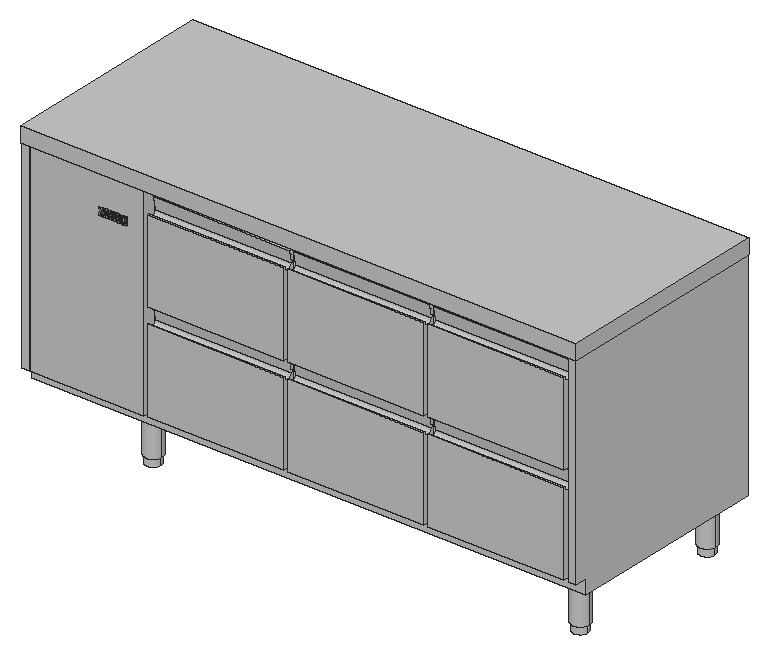
Revit family "QF_ZANUSSI_111047_ZH3HBBBB", category Specialty Equipment, Revit 2018 (continued)
Definition of nested family "ZAN_Cooling Unit"
  Lines and regions (mm)
    Split face 130
      outline origin (110.032, 2, -113.091) x (0, 0, 1) y (-1, 0, 0)
        loop
          line (510.649, 116.535) -> (510.649, 158.547)
    Split face 131
      outline origin (110.032, 2, -125.094) x (0, 0, 1) y (-1, 0, 0)
        loop
          arc (510.649, 158.547) -> (506.648, 162.548) -> (502.647, 158.547) r 4.001
          line (502.647, 158.547) -> (502.647, 116.535)
          arc (502.647, 116.535) -> (506.648, 112.533) -> (510.649, 116.535) r 4.001
          line (510.649, 116.535) -> (510.649, 158.547)
    Split face 132
      outline origin (110.032, 2, -137.098) x (0, 0, 1) y (-1, 0, 0)
        loop
          arc (510.649, 158.547) -> (506.648, 162.548) -> (502.647, 158.547) r 4.001
          line (502.647, 158.547) -> (502.647, 116.535)
          arc (502.647, 116.535) -> (506.648, 112.533) -> (510.649, 116.535) r 4.001
          line (510.649, 116.535) -> (510.649, 158.547)
    Split face 133
      outline origin (110.032, 2, -149.101) x (0, 0, 1) y (-1, 0, 0)
        loop
          arc (510.649, 158.547) -> (506.648, 162.548) -> (502.647, 158.547) r 4.001
          line (502.647, 158.547) -> (502.647, 116.535)
          arc (502.647, 116.535) -> (506.648, 112.533) -> (510.649, 116.535) r 4.001
          line (510.649, 116.535) -> (510.649, 158.547)
    Split face 134
      outline origin (110.032, 2, -161.105) x (0, 0, 1) y (-1, 0, 0)
        loop
          arc (510.649, 158.547) -> (506.648, 162.548) -> (502.647, 158.547) r 4.001
          line (502.647, 158.547) -> (502.647, 116.535)
          arc (502.647, 116.535) -> (506.648, 112.533) -> (510.649, 116.535) r 4.001
          line (510.649, 116.535) -> (510.649, 158.547)
    Split face 135
      outline origin (110.032, 2, -173.108) x (0, 0, 1) y (-1, 0, 0)
        loop
          arc (510.649, 158.547) -> (506.648, 162.548) -> (502.647, 158.547) r 4.001
          line (502.647, 158.547) -> (502.647, 116.535)
          arc (502.647, 116.535) -> (506.648, 112.533) -> (510.649, 116.535) r 4.001
          line (510.649, 116.535) -> (510.649, 158.547)
    Split face 136
      outline origin (110.032, 2, -185.112) x (0, 0, 1) y (-1, 0, 0)
        loop
          arc (510.649, 158.547) -> (506.648, 162.548) -> (502.647, 158.547) r 4.001
          line (502.647, 158.547) -> (502.647, 116.535)
          arc (502.647, 116.535) -> (506.648, 112.533) -> (510.649, 116.535) r 4.001
          line (510.649, 116.535) -> (510.649, 158.547)
    Split face 137
      outline origin (110.032, 2, -197.115) x (0, 0, 1) y (-1, 0, 0)
        loop
          arc (510.649, 158.547) -> (506.648, 162.548) -> (502.647, 158.547) r 4.001
          line (502.647, 158.547) -> (502.647, 116.535)
          arc (502.647, 116.535) -> (506.648, 112.533) -> (510.649, 116.535) r 4.001
          line (510.649, 116.535) -> (510.649, 158.547)
    Split face 138
      outline origin (110.032, 2, -209.119) x (0, 0, 1) y (-1, 0, 0)
        loop
          arc (510.649, 158.547) -> (506.648, 162.548) -> (502.647, 158.547) r 4.001
          line (502.647, 158.547) -> (502.647, 116.535)
          arc (502.647, 116.535) -> (506.648, 112.533) -> (510.649, 116.535) r 4.001
          line (510.649, 116.535) -> (510.649, 158.547)
    Split face 139
      outline origin (110.032, 2, -221.122) x (0, 0, 1) y (-1, 0, 0)
        loop
          arc (510.649, 158.547) -> (506.648, 162.548) -> (502.647, 158.547) r 4.001
          line (502.647, 158.547) -> (502.647, 116.535)
          arc (502.647, 116.535) -> (506.648, 112.533) -> (510.649, 116.535) r 4.001
          line (510.649, 116.535) -> (510.649, 158.547)
    Split face 140
      outline origin (110.032, 2, -233.126) x (0, 0, 1) y (-1, 0, 0)
        loop
          arc (510.649, 158.547) -> (506.648, 162.548) -> (502.647, 158.547) r 4.001
          line (502.647, 158.547) -> (502.647, 116.535)
          arc (502.647, 116.535) -> (506.648, 112.533) -> (510.649, 116.535) r 4.001
          line (510.649, 116.535) -> (510.649, 158.547)
    Split face 141
      outline origin (110.032, 2, -245.129) x (0, 0, 1) y (-1, 0, 0)
        loop
          arc (510.649, 158.547) -> (506.648, 162.548) -> (502.647, 158.547) r 4.001
          line (502.647, 158.547) -> (502.647, 116.535)
          arc (502.647, 116.535) -> (506.648, 112.533) -> (510.649, 116.535) r 4.001
          line (510.649, 116.535) -> (510.649, 158.547)
    Split face 142
      outline origin (110.032, 2, -257.133) x (0, 0, 1) y (-1, 0, 0)
        loop
          arc (510.649, 158.547) -> (506.648, 162.548) -> (502.647, 158.547) r 4.001
          line (502.647, 158.547) -> (502.647, 116.535)
          arc (502.647, 116.535) -> (506.648, 112.533) -> (510.649, 116.535) r 4.001
          line (510.649, 116.535) -> (510.649, 158.547)
    Split face 143
      outline origin (110.032, 2, -269.136) x (0, 0, 1) y (-1, 0, 0)
        loop
          arc (510.649, 158.547) -> (506.648, 162.548) -> (502.647, 158.547) r 4.001
          line (502.647, 158.547) -> (502.647, 116.535)
          arc (502.647, 116.535) -> (506.648, 112.533) -> (510.649, 116.535) r 4.001
          line (510.649, 116.535) -> (510.649, 158.547)
    Split face 144
      outline origin (110.032, 2, -281.14) x (0, 0, 1) y (-1, 0, 0)
        loop
          arc (510.649, 158.547) -> (506.648, 162.548) -> (502.647, 158.547) r 4.001
          line (502.647, 158.547) -> (502.647, 116.535)
          arc (502.647, 116.535) -> (506.648, 112.533) -> (510.649, 116.535) r 4.001
          line (510.649, 116.535) -> (510.649, 158.547)
    Split face 145
      outline origin (110.032, 2, -293.144) x (0, 0, 1) y (-1, 0, 0)
        loop
          arc (510.649, 158.547) -> (506.648, 162.548) -> (502.647, 158.547) r 4.001
          line (502.647, 158.547) -> (502.647, 116.535)
          arc (502.647, 116.535) -> (506.648, 112.533) -> (510.649, 116.535) r 4.001
          line (510.649, 116.535) -> (510.649, 158.547)
    Split face 146
      outline origin (165.048, 2, -113.091) x (0, 0, 1) y (-1, 0, 0)
        loop
          arc (510.649, 158.547) -> (506.648, 162.548) -> (502.647, 158.547) r 4.001
          line (502.647, 158.547) -> (502.647, 116.535)
          arc (502.647, 116.535) -> (506.648, 112.533) -> (510.649, 116.535) r 4.001
          line (510.649, 116.535) -> (510.649, 158.547)
    Split face 147
      outline origin (165.048, 2, -125.094) x (0, 0, 1) y (-1, 0, 0)
        loop
          arc (510.649, 158.547) -> (506.648, 162.548) -> (502.647, 158.547) r 4.001
          line (502.647, 158.547) -> (502.647, 116.535)
          arc (502.647, 116.535) -> (506.648, 112.533) -> (510.649, 116.535) r 4.001
          line (510.649, 116.535) -> (510.649, 158.547)
    Split face 148
      outline origin (165.048, 2, -137.098) x (0, 0, 1) y (-1, 0, 0)
        loop
          arc (510.649, 158.547) -> (506.648, 162.548) -> (502.647, 158.547) r 4.001
          line (502.647, 158.547) -> (502.647, 116.535)
          arc (502.647, 116.535) -> (506.648, 112.533) -> (510.649, 116.535) r 4.001
          line (510.649, 116.535) -> (510.649, 158.547)
    Split face 149
      outline origin (165.048, 2, -149.101) x (0, 0, 1) y (-1, 0, 0)
        loop
          arc (510.649, 158.547) -> (506.648, 162.548) -> (502.647, 158.547) r 4.001
          line (502.647, 158.547) -> (502.647, 116.535)
          arc (502.647, 116.535) -> (506.648, 112.533) -> (510.649, 116.535) r 4.001
          line (510.649, 116.535) -> (510.649, 158.547)
    Split face 150
      outline origin (165.048, 2, -161.105) x (0, 0, 1) y (-1, 0, 0)
        loop
          arc (510.649, 158.547) -> (506.648, 162.548) -> (502.647, 158.547) r 4.001
          line (502.647, 158.547) -> (502.647, 116.535)
          arc (502.647, 116.535) -> (506.648, 112.533) -> (510.649, 116.535) r 4.001
          line (510.649, 116.535) -> (510.649, 158.547)
    Split face 151
      outline origin (165.048, 2, -173.108) x (0, 0, 1) y (-1, 0, 0)
        loop
          arc (510.649, 158.547) -> (506.648, 162.548) -> (502.647, 158.547) r 4.001
          line (502.647, 158.547) -> (502.647, 116.535)
          arc (502.647, 116.535) -> (506.648, 112.533) -> (510.649, 116.535) r 4.001
          line (510.649, 116.535) -> (510.649, 158.547)
    Split face 152
      outline origin (165.048, 2, -185.112) x (0, 0, 1) y (-1, 0, 0)
        loop
          arc (510.649, 158.547) -> (506.648, 162.548) -> (502.647, 158.547) r 4.001
          line (502.647, 158.547) -> (502.647, 116.535)
          arc (502.647, 116.535) -> (506.648, 112.533) -> (510.649, 116.535) r 4.001
          line (510.649, 116.535) -> (510.649, 158.547)
    Split face 153
      outline origin (165.048, 2, -197.115) x (0, 0, 1) y (-1, 0, 0)
        loop
          arc (510.649, 158.547) -> (506.648, 162.548) -> (502.647, 158.547) r 4.001
          line (502.647, 158.547) -> (502.647, 116.535)
          arc (502.647, 116.535) -> (506.648, 112.533) -> (510.649, 116.535) r 4.001
          line (510.649, 116.535) -> (510.649, 158.547)
    Split face 154
      outline origin (165.048, 2, -209.119) x (0, 0, 1) y (-1, 0, 0)
        loop
          arc (510.649, 158.547) -> (506.648, 162.548) -> (502.647, 158.547) r 4.001
          line (502.647, 158.547) -> (502.647, 116.535)
          arc (502.647, 116.535) -> (506.648, 112.533) -> (510.649, 116.535) r 4.001
          line (510.649, 116.535) -> (510.649, 158.547)
    Split face 155
      outline origin (165.048, 2, -221.122) x (0, 0, 1) y (-1, 0, 0)
        loop
          arc (510.649, 158.547) -> (506.648, 162.548) -> (502.647, 158.547) r 4.001
          line (502.647, 158.547) -> (502.647, 116.535)
          arc (502.647, 116.535) -> (506.648, 112.533) -> (510.649, 116.535) r 4.001
          line (510.649, 116.535) -> (510.649, 158.547)
    Split face 156
      outline origin (165.048, 2, -233.126) x (0, 0, 1) y (-1, 0, 0)
        loop
          arc (510.649, 158.547) -> (506.648, 162.548) -> (502.647, 158.547) r 4.001
          line (502.647, 158.547) -> (502.647, 116.535)
          arc (502.647, 116.535) -> (506.648, 112.533) -> (510.649, 116.535) r 4.001
          line (510.649, 116.535) -> (510.649, 158.547)
    Split face 157
      outline origin (165.048, 2, -245.129) x (0, 0, 1) y (-1, 0, 0)
        loop
          arc (510.649, 158.547) -> (506.648, 162.548) -> (502.647, 158.547) r 4.001
          line (502.647, 158.547) -> (502.647, 116.535)
          arc (502.647, 116.535) -> (506.648, 112.533) -> (510.649, 116.535) r 4.001
          line (510.649, 116.535) -> (510.649, 158.547)
    Split face 158
      outline origin (165.048, 2, -257.133) x (0, 0, 1) y (-1, 0, 0)
        loop
          arc (510.649, 158.547) -> (506.648, 162.548) -> (502.647, 158.547) r 4.001
          line (502.647, 158.547) -> (502.647, 116.535)
          arc (502.647, 116.535) -> (506.648, 112.533) -> (510.649, 116.535) r 4.001
          line (510.649, 116.535) -> (510.649, 158.547)
    Split face 159
      outline origin (165.048, 2, -269.136) x (0, 0, 1) y (-1, 0, 0)
        loop
          arc (510.649, 158.547) -> (506.648, 162.548) -> (502.647, 158.547) r 4.001
          line (502.647, 158.547) -> (502.647, 116.535)
          arc (502.647, 116.535) -> (506.648, 112.533) -> (510.649, 116.535) r 4.001
          line (510.649, 116.535) -> (510.649, 158.547)
    Split face 160
      outline origin (165.048, 2, -281.14) x (0, 0, 1) y (-1, 0, 0)
        loop
          arc (510.649, 158.547) -> (506.648, 162.548) -> (502.647, 158.547) r 4.001
          line (502.647, 158.547) -> (502.647, 116.535)
          arc (502.647, 116.535) -> (506.648, 112.533) -> (510.649, 116.535) r 4.001
          line (510.649, 116.535) -> (510.649, 158.547)
    Split face 161
      outline origin (165.048, 2, -293.144) x (0, 0, 1) y (-1, 0, 0)
        loop
          arc (510.649, 158.547) -> (506.648, 162.548) -> (502.647, 158.547) r 4.001
          line (502.647, 158.547) -> (502.647, 116.535)
          arc (502.647, 116.535) -> (506.648, 112.533) -> (510.649, 116.535) r 4.001
          line (510.649, 116.535) -> (510.649, 158.547)
    Split face 162
      outline origin (220.064, 2, -113.091) x (0, 0, 1) y (-1, 0, 0)
        loop
          arc (510.649, 158.547) -> (506.648, 162.548) -> (502.647, 158.547) r 4.001
          line (502.647, 158.547) -> (502.647, 116.535)
          arc (502.647, 116.535) -> (506.648, 112.533) -> (510.649, 116.535) r 4.001
          line (510.649, 116.535) -> (510.649, 158.547)
    Split face 163
      outline origin (220.064, 2, -125.094) x (0, 0, 1) y (-1, 0, 0)
        loop
          arc (510.649, 158.547) -> (506.648, 162.548) -> (502.647, 158.547) r 4.001
          line (502.647, 158.547) -> (502.647, 116.535)
          arc (502.647, 116.535) -> (506.648, 112.533) -> (510.649, 116.535) r 4.001
          line (510.649, 116.535) -> (510.649, 158.547)
    Split face 164
      outline origin (220.064, 2, -137.098) x (0, 0, 1) y (-1, 0, 0)
        loop
          arc (510.649, 158.547) -> (506.648, 162.548) -> (502.647, 158.547) r 4.001
          line (502.647, 158.547) -> (502.647, 116.535)
          arc (502.647, 116.535) -> (506.648, 112.533) -> (510.649, 116.535) r 4.001
          line (510.649, 116.535) -> (510.649, 158.547)
    Split face 165
      outline origin (220.064, 2, -149.101) x (0, 0, 1) y (-1, 0, 0)
        loop
          arc (510.649, 158.547) -> (506.648, 162.548) -> (502.647, 158.547) r 4.001
          line (502.647, 158.547) -> (502.647, 116.535)
          arc (502.647, 116.535) -> (506.648, 112.533) -> (510.649, 116.535) r 4.001
          line (510.649, 116.535) -> (510.649, 158.547)
    Split face 166
      outline origin (220.064, 2, -161.105) x (0, 0, 1) y (-1, 0, 0)
        loop
          arc (510.649, 158.547) -> (506.648, 162.548) -> (502.647, 158.547) r 4.001
          line (502.647, 158.547) -> (502.647, 116.535)
          arc (502.647, 116.535) -> (506.648, 112.533) -> (510.649, 116.535) r 4.001
          line (510.649, 116.535) -> (510.649, 158.547)
    Split face 167
      outline origin (220.064, 2, -173.108) x (0, 0, 1) y (-1, 0, 0)
        loop
          arc (510.649, 158.547) -> (506.648, 162.548) -> (502.647, 158.547) r 4.001
          line (502.647, 158.547) -> (502.647, 116.535)
          arc (502.647, 116.535) -> (506.648, 112.533) -> (510.649, 116.535) r 4.001
          line (510.649, 116.535) -> (510.649, 158.547)
    Split face 168
      outline origin (220.064, 2, -185.112) x (0, 0, 1) y (-1, 0, 0)
        loop
          arc (510.649, 158.547) -> (506.648, 162.548) -> (502.647, 158.547) r 4.001
          line (502.647, 158.547) -> (502.647, 116.535)
          arc (502.647, 116.535) -> (506.648, 112.533) -> (510.649, 116.535) r 4.001
          line (510.649, 116.535) -> (510.649, 158.547)
    Split face 169
      outline origin (220.064, 2, -197.115) x (0, 0, 1) y (-1, 0, 0)
        loop
          arc (510.649, 158.547) -> (506.648, 162.548) -> (502.647, 158.547) r 4.001
          line (502.647, 158.547) -> (502.647, 116.535)
          arc (502.647, 116.535) -> (506.648, 112.533) -> (510.649, 116.535) r 4.001
          line (510.649, 116.535) -> (510.649, 158.547)
    Split face 170
      outline origin (220.064, 2, -209.119) x (0, 0, 1) y (-1, 0, 0)
        loop
          arc (510.649, 158.547) -> (506.648, 162.548) -> (502.647, 158.547) r 4.001
          line (502.647, 158.547) -> (502.647, 116.535)
          arc (502.647, 116.535) -> (506.648, 112.533) -> (510.649, 116.535) r 4.001
          line (510.649, 116.535) -> (510.649, 158.547)
    Split face 171
      outline origin (220.064, 2, -221.122) x (0, 0, 1) y (-1, 0, 0)
        loop
          arc (510.649, 158.547) -> (506.648, 162.548) -> (502.647, 158.547) r 4.001
          line (502.647, 158.547) -> (502.647, 116.535)
          arc (502.647, 116.535) -> (506.648, 112.533) -> (510.649, 116.535) r 4.001
          line (510.649, 116.535) -> (510.649, 158.547)
    Split face 172
      outline origin (220.064, 2, -233.126) x (0, 0, 1) y (-1, 0, 0)
        loop
          arc (510.649, 158.547) -> (506.648, 162.548) -> (502.647, 158.547) r 4.001
          line (502.647, 158.547) -> (502.647, 116.535)
          arc (502.647, 116.535) -> (506.648, 112.533) -> (510.649, 116.535) r 4.001
          line (510.649, 116.535) -> (510.649, 158.547)
    Split face 173
      outline origin (220.064, 2, -245.129) x (0, 0, 1) y (-1, 0, 0)
        loop
          arc (510.649, 158.547) -> (506.648, 162.548) -> (502.647, 158.547) r 4.001
          line (502.647, 158.547) -> (502.647, 116.535)
          arc (502.647, 116.535) -> (506.648, 112.533) -> (510.649, 116.535) r 4.001
          line (510.649, 116.535) -> (510.649, 158.547)
    Split face 174
      outline origin (220.064, 2, -257.133) x (0, 0, 1) y (-1, 0, 0)
        loop
          arc (510.649, 158.547) -> (506.648, 162.548) -> (502.647, 158.547) r 4.001
          line (502.647, 158.547) -> (502.647, 116.535)
          arc (502.647, 116.535) -> (506.648, 112.533) -> (510.649, 116.535) r 4.001
          line (510.649, 116.535) -> (510.649, 158.547)
    Split face 175
      outline origin (220.064, 2, -269.136) x (0, 0, 1) y (-1, 0, 0)
        loop
          arc (510.649, 158.547) -> (506.648, 162.548) -> (502.647, 158.547) r 4.001
          line (502.647, 158.547) -> (502.647, 116.535)
          arc (502.647, 116.535) -> (506.648, 112.533) -> (510.649, 116.535) r 4.001
          line (510.649, 116.535) -> (510.649, 158.547)
    Split face 176
      outline origin (220.064, 2, -281.14) x (0, 0, 1) y (-1, 0, 0)
        loop
          arc (510.649, 158.547) -> (506.648, 162.548) -> (502.647, 158.547) r 4.001
          line (502.647, 158.547) -> (502.647, 116.535)
          arc (502.647, 116.535) -> (506.648, 112.533) -> (510.649, 116.535) r 4.001
          line (510.649, 116.535) -> (510.649, 158.547)
    Split face 177
      outline origin (220.064, 2, -293.144) x (0, 0, 1) y (-1, 0, 0)
        loop
          arc (510.649, 158.547) -> (506.648, 162.548) -> (502.647, 158.547) r 4.001
          line (502.647, 158.547) -> (502.647, 116.535)
          arc (502.647, 116.535) -> (506.648, 112.533) -> (510.649, 116.535) r 4.001
          line (510.649, 116.535) -> (510.649, 158.547)
    Split face 178
      outline origin (275.081, 2, -113.091) x (0, 0, 1) y (-1, 0, 0)
        loop
          arc (510.649, 158.547) -> (506.648, 162.548) -> (502.647, 158.547) r 4.001
          line (502.647, 158.547) -> (502.647, 116.535)
          arc (502.647, 116.535) -> (506.648, 112.533) -> (510.649, 116.535) r 4.001
          line (510.649, 116.535) -> (510.649, 158.547)
    Split face 179
      outline origin (275.081, 2, -125.094) x (0, 0, 1) y (-1, 0, 0)
        loop
          arc (510.649, 158.547) -> (506.648, 162.548) -> (502.647, 158.547) r 4.001
          line (502.647, 158.547) -> (502.647, 116.535)
          arc (502.647, 116.535) -> (506.648, 112.533) -> (510.649, 116.535) r 4.001
          line (510.649, 116.535) -> (510.649, 158.547)
    Split face 180
      outline origin (275.081, 2, -137.098) x (0, 0, 1) y (-1, 0, 0)
        loop
          arc (510.649, 158.547) -> (506.648, 162.548) -> (502.647, 158.547) r 4.001
          line (502.647, 158.547) -> (502.647, 116.535)
          arc (502.647, 116.535) -> (506.648, 112.533) -> (510.649, 116.535) r 4.001
          line (510.649, 116.535) -> (510.649, 158.547)
    Split face 181
      outline origin (275.081, 2, -149.101) x (0, 0, 1) y (-1, 0, 0)
        loop
          arc (510.649, 158.547) -> (506.648, 162.548) -> (502.647, 158.547) r 4.001
          line (502.647, 158.547) -> (502.647, 116.535)
          arc (502.647, 116.535) -> (506.648, 112.533) -> (510.649, 116.535) r 4.001
          line (510.649, 116.535) -> (510.649, 158.547)
    Split face 182
      outline origin (275.081, 2, -161.105) x (0, 0, 1) y (-1, 0, 0)
        loop
          arc (510.649, 158.547) -> (506.648, 162.548) -> (502.647, 158.547) r 4.001
          line (502.647, 158.547) -> (502.647, 116.535)
          arc (502.647, 116.535) -> (506.648, 112.533) -> (510.649, 116.535) r 4.001
          line (510.649, 116.535) -> (510.649, 158.547)
    Split face 183
      outline origin (275.081, 2, -173.108) x (0, 0, 1) y (-1, 0, 0)
        loop
          arc (510.649, 158.547) -> (506.648, 162.548) -> (502.647, 158.547) r 4.001
          line (502.647, 158.547) -> (502.647, 116.535)
          arc (502.647, 116.535) -> (506.648, 112.533) -> (510.649, 116.535) r 4.001
          line (510.649, 116.535) -> (510.649, 158.547)
    Split face 184
      outline origin (275.081, 2, -185.112) x (0, 0, 1) y (-1, 0, 0)
        loop
          arc (510.649, 158.547) -> (506.648, 162.548) -> (502.647, 158.547) r 4.001
          line (502.647, 158.547) -> (502.647, 116.535)
          arc (502.647, 116.535) -> (506.648, 112.533) -> (510.649, 116.535) r 4.001
          line (510.649, 116.535) -> (510.649, 158.547)
    Split face 185
      outline origin (275.081, 2, -197.115) x (0, 0, 1) y (-1, 0, 0)
        loop
          arc (510.649, 158.547) -> (506.648, 162.548) -> (502.647, 158.547) r 4.001
          line (502.647, 158.547) -> (502.647, 116.535)
          arc (502.647, 116.535) -> (506.648, 112.533) -> (510.649, 116.535) r 4.001
          line (510.649, 116.535) -> (510.649, 158.547)
    Split face 186
      outline origin (275.081, 2, -209.119) x (0, 0, 1) y (-1, 0, 0)
        loop
          arc (510.649, 158.547) -> (506.648, 162.548) -> (502.647, 158.547) r 4.001
          line (502.647, 158.547) -> (502.647, 116.535)
          arc (502.647, 116.535) -> (506.648, 112.533) -> (510.649, 116.535) r 4.001
          line (510.649, 116.535) -> (510.649, 158.547)
    Split face 187
      outline origin (275.081, 2, -221.122) x (0, 0, 1) y (-1, 0, 0)
        loop
          arc (510.649, 158.547) -> (506.648, 162.548) -> (502.647, 158.547) r 4.001
          line (502.647, 158.547) -> (502.647, 116.535)
          arc (502.647, 116.535) -> (506.648, 112.533) -> (510.649, 116.535) r 4.001
          line (510.649, 116.535) -> (510.649, 158.547)
    Split face 188
      outline origin (275.081, 2, -233.126) x (0, 0, 1) y (-1, 0, 0)
        loop
          arc (510.649, 158.547) -> (506.648, 162.548) -> (502.647, 158.547) r 4.001
          line (502.647, 158.547) -> (502.647, 116.535)
          arc (502.647, 116.535) -> (506.648, 112.533) -> (510.649, 116.535) r 4.001
          line (510.649, 116.535) -> (510.649, 158.547)
    Split face 189
      outline origin (275.081, 2, -245.129) x (0, 0, 1) y (-1, 0, 0)
        loop
          arc (510.649, 158.547) -> (506.648, 162.548) -> (502.647, 158.547) r 4.001
          line (502.647, 158.547) -> (502.647, 116.535)
          arc (502.647, 116.535) -> (506.648, 112.533) -> (510.649, 116.535) r 4.001
          line (510.649, 116.535) -> (510.649, 158.547)
    Split face 190
      outline origin (275.081, 2, -257.133) x (0, 0, 1) y (-1, 0, 0)
        loop
          arc (510.649, 158.547) -> (506.648, 162.548) -> (502.647, 158.547) r 4.001
          line (502.647, 158.547) -> (502.647, 116.535)
          arc (502.647, 116.535) -> (506.648, 112.533) -> (510.649, 116.535) r 4.001
          line (510.649, 116.535) -> (510.649, 158.547)
    Split face 191
      outline origin (275.081, 2, -269.136) x (0, 0, 1) y (-1, 0, 0)
        loop
          arc (510.649, 158.547) -> (506.648, 162.548) -> (502.647, 158.547) r 4.001
          line (502.647, 158.547) -> (502.647, 116.535)
          arc (502.647, 116.535) -> (506.648, 112.533) -> (510.649, 116.535) r 4.001
          line (510.649, 116.535) -> (510.649, 158.547)
    Split face 192
      outline origin (275.081, 2, -281.14) x (0, 0, 1) y (-1, 0, 0)
        loop
          arc (510.649, 158.547) -> (506.648, 162.548) -> (502.647, 158.547) r 4.001
          line (502.647, 158.547) -> (502.647, 116.535)
          arc (502.647, 116.535) -> (506.648, 112.533) -> (510.649, 116.535) r 4.001
          line (510.649, 116.535) -> (510.649, 158.547)
    Split face 193
      outline origin (275.081, 2, -293.144) x (0, 0, 1) y (-1, 0, 0)
        loop
          arc (510.649, 158.547) -> (506.648, 162.548) -> (502.647, 158.547) r 4.001
          line (502.647, 158.547) -> (502.647, 116.535)
          arc (502.647, 116.535) -> (506.648, 112.533) -> (510.649, 116.535) r 4.001
          line (510.649, 116.535) -> (510.649, 158.547)
    Split face 194
      outline origin (0, 2, 197) x (0, 0, 1) y (-1, 0, 0)
        loop
          spline (566.835, 20.381) -> (564.628, 19.058) -> (561.987, 18.027) -> (558.955, 17.386) -> (555.581, 17.244) -> (551.912, 17.703) -> (547.993, 18.863) -> (543.871, 20.83) -> (539.591, 23.706) -> (535.202, 27.594) -> (530.748, 32.597) -> (526.28, 38.824) -> (521.835, 46.362)
        loop
          spline (521.835, 58.392) -> (525.386, 49.242) -> (529.197, 41.481) -> (533.2, 35.023) -> (537.329, 29.786) -> (541.516, 25.684) -> (545.695, 22.634) -> (549.798, 20.552) -> (553.759, 19.355) -> (557.511, 18.958) -> (560.984, 19.275) -> (564.115, 20.227) -> (566.835, 21.726)
    Split face 195
      outline origin (0, 2, 197) x (0, 0, 1) y (-1, 0, 0)
        loop
          line (555.835, 149.5) -> (532.835, 149.5) -> (532.835, 94.5) -> (555.835, 94.5) -> (555.835, 149.5)
  Dimensions and locks
    aligned and locked: level to plane 2
  Nested families
    nested 1: "ZAN_Logo_S_Grey" at (85, 2, 741.213) x (1, 0, 0) z (0, -1, 0), visible <- "Show Logo", type "ZAN_Logo_S_Grey"
  Definition of nested family "ZAN_Logo_S_Grey"
    Parameters
      Default Elevation = 0 mm
    Reference planes
      plane 1 "Centro (Fronte/Retro)": y = 0
      plane 2: z = 0
      plane 3 "Centro (Sinistra/Destra)": x = 0
    Forms (mm)
      Extrusion 1, solid
        sketch origin (0, 0, 0) x (1, 0, 0) y (0, 1, 0)
          loop
            line (-1219.2, 1219.2) -> (-1219.2, -1219.2) -> (1219.2, -1219.2) -> (1219.2, 1219.2) -> (-1219.2, 1219.2)
        from 0 to -304.8
      Extrusion 2, solid
        sketch origin (17.793, -46.218, 0) x (-1, 0, 0) y (0, -1, 0)
          loop
            spline (-4.176, -58.079) -> (-3.496, -58.328) -> (-2.793, -58.512) -> (-2.075, -58.63) -> (-1.348, -58.682) -> (-0.619, -58.669) -> (0.106, -58.588) -> (0.818, -58.44) -> (1.512, -58.225) -> (2.18, -57.941) -> (2.817, -57.589) -> (3.414, -57.167) -> (3.966, -56.676)
            spline (3.966, -56.676) -> (4.293, -56.162) -> (4.575, -55.61) -> (4.81, -55.026) -> (5, -54.419) -> (5.146, -53.797) -> (5.247, -53.166) -> (5.304, -52.536) -> (5.318, -51.913) -> (5.288, -51.306) -> (5.217, -50.723) -> (5.103, -50.17) -> (4.949, -49.657)
            line (4.949, -49.657) -> (2.702, -46.428) -> (0.316, -44.323)
            spline (0.316, -44.323) -> (0.065, -44.115) -> (-0.195, -43.909) -> (-0.46, -43.704) -> (-0.729, -43.496) -> (-0.997, -43.282) -> (-1.263, -43.059) -> (-1.523, -42.825) -> (-1.774, -42.576) -> (-2.013, -42.309) -> (-2.238, -42.022) -> (-2.445, -41.712) -> (-2.632, -41.375)
            spline (-2.632, -41.375) -> (-2.666, -41.159) -> (-2.697, -40.934) -> (-2.722, -40.701) -> (-2.736, -40.465) -> (-2.736, -40.227) -> (-2.72, -39.989) -> (-2.682, -39.754) -> (-2.621, -39.524) -> (-2.533, -39.302) -> (-2.414, -39.091) -> (-2.261, -38.892) -> (-2.07, -38.708)
            line (-2.07, -38.708) -> (-0.245, -38.567)
            spline (-0.245, -38.567) -> (0.096, -38.8) -> (0.354, -39.074) -> (0.54, -39.381) -> (0.664, -39.716) -> (0.738, -40.073) -> (0.772, -40.445) -> (0.777, -40.825) -> (0.763, -41.208) -> (0.742, -41.588) -> (0.723, -41.957) -> (0.718, -42.309) -> (0.737, -42.638)
            line (0.737, -42.638) -> (5.65, -42.638)
            spline (5.65, -42.638) -> (5.708, -42.042) -> (5.741, -41.448) -> (5.747, -40.857) -> (5.723, -40.273) -> (5.668, -39.696) -> (5.58, -39.129) -> (5.457, -38.574) -> (5.297, -38.032) -> (5.098, -37.506) -> (4.857, -36.997) -> (4.574, -36.508) -> (4.247, -36.041)
            spline (4.247, -36.041) -> (3.844, -35.675) -> (3.409, -35.35) -> (2.946, -35.065) -> (2.458, -34.819) -> (1.949, -34.612) -> (1.421, -34.444) -> (0.88, -34.314) -> (0.326, -34.221) -> (-0.234, -34.165) -> (-0.8, -34.146) -> (-1.366, -34.163) -> (-1.93, -34.216)
            spline (-1.93, -34.216) -> (-2.526, -34.309) -> (-3.116, -34.448) -> (-3.695, -34.633) -> (-4.259, -34.861) -> (-4.801, -35.131) -> (-5.316, -35.444) -> (-5.799, -35.798) -> (-6.245, -36.191) -> (-6.648, -36.624) -> (-7.002, -37.095) -> (-7.303, -37.603) -> (-7.545, -38.146)
            spline (-7.545, -38.146) -> (-7.694, -38.815) -> (-7.792, -39.487) -> (-7.839, -40.158) -> (-7.836, -40.824) -> (-7.785, -41.482) -> (-7.685, -42.129) -> (-7.539, -42.762) -> (-7.347, -43.377) -> (-7.111, -43.97) -> (-6.83, -44.538) -> (-6.506, -45.078) -> (-6.141, -45.586)
            line (-6.141, -45.586) -> (-0.526, -50.64) -> (0.176, -51.482)
            spline (0.176, -51.482) -> (0.248, -51.66) -> (0.323, -51.843) -> (0.397, -52.03) -> (0.467, -52.22) -> (0.529, -52.412) -> (0.579, -52.605) -> (0.615, -52.798) -> (0.633, -52.989) -> (0.63, -53.179) -> (0.601, -53.366) -> (0.545, -53.55) -> (0.456, -53.728)
            spline (0.456, -53.728) -> (0.375, -53.892) -> (0.273, -54.034) -> (0.154, -54.155) -> (0.02, -54.258) -> (-0.126, -54.343) -> (-0.28, -54.412) -> (-0.441, -54.466) -> (-0.604, -54.508) -> (-0.767, -54.537) -> (-0.928, -54.556) -> (-1.082, -54.567) -> (-1.228, -54.57)
            line (-1.228, -54.57) -> (-2.632, -53.587) -> (-2.772, -50.64) -> (-7.405, -50.64)
            spline (-7.405, -50.64) -> (-7.41, -51.031) -> (-7.423, -51.432) -> (-7.44, -51.839) -> (-7.456, -52.251) -> (-7.469, -52.665) -> (-7.475, -53.079) -> (-7.468, -53.489) -> (-7.446, -53.894) -> (-7.404, -54.291) -> (-7.339, -54.679) -> (-7.247, -55.053) -> (-7.123, -55.412)
            spline (-7.123, -55.412) -> (-6.999, -55.693) -> (-6.837, -55.97) -> (-6.643, -56.244) -> (-6.422, -56.509) -> (-6.177, -56.765) -> (-5.913, -57.009) -> (-5.634, -57.238) -> (-5.346, -57.45) -> (-5.051, -57.643) -> (-4.755, -57.814) -> (-4.462, -57.96) -> (-4.176, -58.079)
          loop
            spline (-21.021, -55.552) -> (-20.633, -56.181) -> (-20.177, -56.736) -> (-19.661, -57.217) -> (-19.092, -57.627) -> (-18.478, -57.966) -> (-17.827, -58.237) -> (-17.147, -58.441) -> (-16.446, -58.578) -> (-15.73, -58.652) -> (-15.009, -58.662) -> (-14.29, -58.611) -> (-13.581, -58.5)
            spline (-13.581, -58.5) -> (-13.088, -58.407) -> (-12.595, -58.269) -> (-12.109, -58.088) -> (-11.636, -57.866) -> (-11.183, -57.605) -> (-10.756, -57.307) -> (-10.361, -56.974) -> (-10.004, -56.608) -> (-9.692, -56.211) -> (-9.431, -55.784) -> (-9.228, -55.33) -> (-9.089, -54.851)
            spline (-9.089, -54.851) -> (-8.873, -54.211) -> (-8.715, -53.559) -> (-8.615, -52.901) -> (-8.574, -52.241) -> (-8.592, -51.585) -> (-8.668, -50.938) -> (-8.802, -50.306) -> (-8.995, -49.693) -> (-9.247, -49.106) -> (-9.557, -48.55) -> (-9.925, -48.03) -> (-10.352, -47.551)
            line (-10.352, -47.551) -> (-15.546, -42.919) -> (-16.669, -41.234)
            spline (-16.669, -41.234) -> (-16.704, -41.021) -> (-16.735, -40.804) -> (-16.761, -40.583) -> (-16.778, -40.361) -> (-16.784, -40.139) -> (-16.774, -39.919) -> (-16.748, -39.701) -> (-16.7, -39.488) -> (-16.63, -39.28) -> (-16.533, -39.08) -> (-16.406, -38.889) -> (-16.248, -38.708)
            line (-16.248, -38.708) -> (-14.844, -38.427)
            spline (-14.844, -38.427) -> (-14.347, -38.545) -> (-13.969, -38.749) -> (-13.695, -39.028) -> (-13.508, -39.368) -> (-13.393, -39.757) -> (-13.335, -40.182) -> (-13.318, -40.63) -> (-13.326, -41.089) -> (-13.344, -41.546) -> (-13.356, -41.988) -> (-13.347, -42.403) -> (-13.3, -42.779)
            line (-13.3, -42.779) -> (-8.387, -42.638)
            spline (-8.387, -42.638) -> (-8.326, -42.034) -> (-8.288, -41.417) -> (-8.277, -40.794) -> (-8.299, -40.169) -> (-8.357, -39.548) -> (-8.457, -38.936) -> (-8.604, -38.339) -> (-8.803, -37.762) -> (-9.058, -37.21) -> (-9.375, -36.689) -> (-9.758, -36.204) -> (-10.212, -35.76)
            spline (-10.212, -35.76) -> (-10.793, -35.336) -> (-11.409, -34.976) -> (-12.054, -34.679) -> (-12.723, -34.445) -> (-13.409, -34.273) -> (-14.107, -34.163) -> (-14.811, -34.115) -> (-15.515, -34.127) -> (-16.213, -34.2) -> (-16.899, -34.333) -> (-17.568, -34.526) -> (-18.213, -34.777)
            spline (-18.213, -34.777) -> (-18.496, -34.897) -> (-18.783, -35.044) -> (-19.071, -35.216) -> (-19.357, -35.412) -> (-19.639, -35.629) -> (-19.915, -35.865) -> (-20.182, -36.119) -> (-20.438, -36.389) -> (-20.681, -36.672) -> (-20.907, -36.967) -> (-21.115, -37.272) -> (-21.301, -37.585)
            spline (-21.301, -37.585) -> (-21.55, -38.26) -> (-21.734, -38.948) -> (-21.854, -39.647) -> (-21.91, -40.351) -> (-21.901, -41.057) -> (-21.828, -41.761) -> (-21.69, -42.459) -> (-21.489, -43.148) -> (-21.222, -43.823) -> (-20.892, -44.48) -> (-20.497, -45.116) -> (-20.038, -45.726)
            line (-20.038, -45.726) -> (-14.142, -51.061) -> (-13.44, -52.886) -> (-14.002, -54.289) -> (-15.265, -54.57) -> (-16.669, -53.587) -> (-16.81, -50.78) -> (-21.582, -50.64)
            spline (-21.582, -50.64) -> (-21.558, -51.063) -> (-21.55, -51.491) -> (-21.554, -51.92) -> (-21.561, -52.35) -> (-21.567, -52.778) -> (-21.565, -53.201) -> (-21.547, -53.619) -> (-21.509, -54.029) -> (-21.444, -54.43) -> (-21.345, -54.818) -> (-21.206, -55.193) -> (-21.021, -55.552)
          loop
            line (-22.424, -34.216) -> (-27.337, -34.216) -> (-27.337, -58.22) -> (-22.424, -58.22) -> (-22.424, -34.216)
          loop
            line (14.213, -39.971) -> (14.213, -58.22) -> (19.126, -58.22) -> (19.126, -42.077) -> (18.845, -38.146) -> (18.424, -37.164) -> (17.442, -35.9) -> (16.459, -35.199) -> (14.494, -34.356) -> (13.511, -34.216) -> (11.265, -34.216) -> (10.142, -34.497) -> (8.458, -35.479) -> (6.493, -38.287) -> (6.352, -39.269) -> (6.352, -58.22) -> (11.265, -58.22) -> (11.265, -40.392) -> (11.827, -39.129) -> (13.371, -38.988) -> (14.213, -39.971)
          loop
            line (20.249, -58.22) -> (24.741, -58.22) -> (24.741, -42.919) -> (28.812, -58.22) -> (34.006, -58.22) -> (34.006, -34.216) -> (29.654, -34.216) -> (29.654, -50.078) -> (25.583, -34.216) -> (20.249, -34.216) -> (20.249, -58.22)
          loop
            line (50.149, -58.22) -> (62.361, -58.22) -> (62.361, -53.728) -> (55.904, -53.868) -> (62.923, -39.129) -> (62.923, -34.216) -> (50.149, -34.216) -> (50.149, -39.129) -> (57.517, -39.129) -> (50.149, -54.149) -> (50.149, -58.22)
          loop
            line (38.778, -58.22) -> (45.516, -58.22) -> (49.868, -34.216) -> (44.814, -34.216) -> (44.113, -38.848) -> (40.042, -38.848) -> (39.34, -34.216) -> (34.286, -34.216) -> (38.778, -58.22)
          loop
            line (43.551, -43.2) -> (40.744, -43.2) -> (42.147, -54.117) -> (43.551, -43.2)
        from 0 to 1.644
    Dimensions and locks
      aligned and locked: plane 2 to Extrusion 1
      aligned and locked: level to Extrusion 1
Definition of nested family "Refrigerator"
  Reference planes
    plane 1 "Center (Front/Back)": y = 0
    plane 2: z = 0
    plane 3 "Center (Left/Right)": x = 0
  Lines and regions (mm)
    detail lines, in view "Ref. Level"
      curve 1: spline (-500, 190, 0) -> (-493.185, 166.706, 0) -> (-473.205, 145, 0) -> (-441.421, 126.36, 0) -> (-400, 112.058, 0) -> (-351.764, 103.067, 0) -> (-300, 100, 0) -> (-248.236, 103.067, 0) -> (-200, 112.058, 0) -> (-158.579, 126.36, 0) -> (-126.795, 145, 0) -> (-106.815, 166.706, 0) -> (-100, 190, 0) -> (-106.815, 213.294, 0) -> (-126.795, 235, 0) -> (-158.579, 253.64, 0) -> (-200, 267.942, 0) -> (-248.236, 276.933, 0) -> (-300, 280, 0) -> (-351.764, 276.933, 0) -> (-400, 267.942, 0) -> (-441.421, 253.64, 0) -> (-473.205, 235, 0) -> (-493.185, 213.294, 0) -> (-500, 190, 0)
      curve 2: line (-300, 130, 0) -> (-300, 250, 0)
      curve 3: line (-351.962, 220, 0) -> (-248.038, 160, 0)
      curve 4: line (-351.962, 160, 0) -> (-248.038, 220, 0)
      curve 5: line (-280.884, 246.873, 0) -> (-300, 225, 0)
      curve 6: line (-300, 225, 0) -> (-319.116, 246.873, 0)
      curve 7: line (-330.311, 207.5, 0) -> (-339.696, 234.992, 0)
      curve 8: line (-358.812, 201.882, 0) -> (-330.311, 207.5, 0)
      curve 9: line (-330.311, 172.5, 0) -> (-358.812, 178.118, 0)
      curve 10: line (-339.696, 145.008, 0) -> (-330.311, 172.5, 0)
      curve 11: line (-300, 155, 0) -> (-319.116, 133.127, 0)
      curve 12: line (-280.884, 133.127, 0) -> (-300, 155, 0)
      curve 13: line (-269.689, 172.5, 0) -> (-260.304, 145.008, 0)
      curve 14: line (-241.188, 178.118, 0) -> (-269.689, 172.5, 0)
      curve 15: line (-269.689, 207.5, 0) -> (-241.188, 201.882, 0)
      curve 16: line (-260.304, 234.992, 0) -> (-269.689, 207.5, 0)
